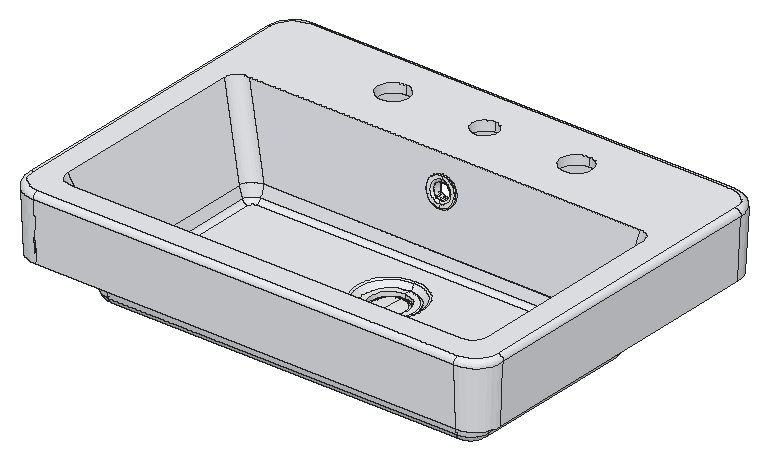
Revit family "Basin-Caroma Basa Inset Vanity", category Plumbing Fixtures, host Face, Revit 2012
Parameters (values of type "Basa Inset - 3 Tap Holes")
  Waste Radius [instance] = 30 mm
  Waste Connection = yes
  Waste = Metal-Chrome-Caroma
  Vent Connection = no
  URL = "www.caroma.com.au"
  Type Comments = "Vitreous China Inset Vanity Basin"  # constant formula
  Tap Penetrations = if([3 Tapholes], 0 mm, 100 mm)  # 0 mm
  Spout Penetration = if(or([1 Taphole], [3 Tapholes]), 0 mm, 100 mm)  # 0 mm
  PlumbingMaterial_ANZRS = Porcelain-White-Caroma
  Model = "633335"
  Manufacturer = "Caroma"  # constant formula
  HW Connection = no
  Description = "Basa Inset Vanity Basin"  # constant formula
  Default Elevation = 1219.2 mm
  CreatedBy_ANZRS = "Design Content"  # constant formula
  CreatedByURL_ANZRS = "www.designcontent.com.au"
  CW Connection = no
  3 Tapholes = not([1 Taphole])  # yes
  1 Taphole = no
Reference planes
  plane 1 "Center (Front/Back)": y = 0
  plane 2: z = 0
  plane 3 "Center (Left/Right)": x = 0
  plane 4 "Back": y = 192.232
  plane 5 "Front": y = -192.232
  plane 6 "Left": x = -259.732
  plane 7 "Right": x = 259.732
  plane 8: y = 7.5
  plane 9: x = -100.111
  plane 10: y = 137.389
  plane 11: x = 100.111
  plane 12: z = 70
  plane 13 "Waste Connector": z = -87
  plane 14 "Tap Connectors": z = 60
  plane 15: z = 60
  plane 16: z = 60
Forms (mm)
  Sweep 1, solid, material "Porcelain-White-Caroma" <- "PlumbingMaterial_ANZRS"
    path origin (0, 0, 0) x (1, 0, 0) y (0, 1, 0)
      loop
        arc (-229.732, 192.232) -> (-250.945, 183.445) -> (-259.732, 162.232) r 30
        line (-259.732, 162.232) -> (-259.732, -162.232)
        arc (-259.732, -162.232) -> (-250.945, -183.445) -> (-229.732, -192.232) r 30
        line (-229.732, -192.232) -> (229.732, -192.232)
        arc (229.732, -192.232) -> (250.945, -183.445) -> (259.732, -162.232) r 30
        line (259.732, -162.232) -> (259.732, 162.232)
        arc (259.732, 162.232) -> (250.945, 183.445) -> (229.732, 192.232) r 30
        line (229.732, 192.232) -> (-229.732, 192.232)
    profile origin (0, -192.232, 0) x (0, -1, 0) y (0, 0, 1)
      loop
        arc (0.001, 63.765) -> (-1.655, 68.157) -> (-5.973, 70) r 5.98
        line (-5.973, 70) -> (-15.973, 70) -> (-15.973, 60) -> (-10.17, 60) -> (-12.741, 0) -> (-2.732, 0) -> (0.001, 63.765)
  Blend 2, void
    base sketch origin (0, 0, 0) x (1, 0, 0) y (0, 1, 0)
      loop
        line (-205, 57.5) -> (-205, -119.5)
        arc (-205, -119.5) -> (-200.607, -130.107) -> (-190, -134.5) r 15
        line (-190, -134.5) -> (190, -134.5)
        arc (190, -134.5) -> (200.607, -130.107) -> (205, -119.5) r 15
        line (205, -119.5) -> (205, 57.5)
        arc (205, 57.5) -> (200.607, 68.107) -> (190, 72.5) r 15
        line (190, 72.5) -> (-190, 72.5)
        arc (-190, 72.5) -> (-200.607, 68.107) -> (-205, 57.5) r 15
    top sketch origin (0, 0, 0) x (1, 0, 0) y (0, 1, 0)
      loop
        line (-228.806, 66.924) -> (-228.806, -146.214)
        arc (-228.806, -146.214) -> (-224.412, -156.821) -> (-213.806, -161.214) r 15
        line (-213.806, -161.214) -> (213.806, -161.214)
        arc (213.806, -161.214) -> (224.412, -156.821) -> (228.806, -146.214) r 15
        line (228.806, -146.214) -> (228.806, 66.924)
        arc (228.806, 66.924) -> (224.412, 77.53) -> (213.806, 81.924) r 15
        line (213.806, 81.924) -> (-213.806, 81.924)
        arc (-213.806, 81.924) -> (-224.412, 77.53) -> (-228.806, 66.924) r 15
    from -23 to 70
  Extrusion 3, solid, material "Porcelain-White-Caroma" <- "PlumbingMaterial_ANZRS"
    sketch origin (0, 0, 0) x (1, 0, 0) y (0, 1, 0)
      loop
        line (-248.759, 162.232) -> (-248.759, -162.232)
        arc (-248.759, -162.232) -> (-243.186, -175.686) -> (-229.732, -181.259) r 19.027
        line (-229.732, -181.259) -> (229.732, -181.259)
        arc (229.732, -181.259) -> (243.186, -175.686) -> (248.759, -162.232) r 19.027
        line (248.759, -162.232) -> (248.759, 162.232)
        arc (248.759, 162.232) -> (243.186, 175.686) -> (229.732, 181.259) r 19.027
        line (229.732, 181.259) -> (-229.732, 181.259)
        arc (-229.732, 181.259) -> (-243.186, 175.686) -> (-248.759, 162.232) r 19.027
    from 60 to 70
  Blend 4, solid, material "Porcelain-White-Caroma" <- "PlumbingMaterial_ANZRS"
    base sketch origin (0, 0, 0) x (1, 0, 0) y (0, 1, 0)
      loop
        line (-215, 57.5) -> (-215, -119.5)
        arc (-215, -119.5) -> (-207.678, -137.178) -> (-190, -144.5) r 25
        line (-190, -144.5) -> (190, -144.5)
        arc (190, -144.5) -> (207.678, -137.178) -> (215, -119.5) r 25
        line (215, -119.5) -> (215, 57.5)
        arc (215, 57.5) -> (207.678, 75.178) -> (190, 82.5) r 25
        line (190, 82.5) -> (-190, 82.5)
        arc (-190, 82.5) -> (-207.678, 75.178) -> (-215, 57.5) r 25
    top sketch origin (0, 0, 0) x (1, 0, 0) y (0, 1, 0)
      loop
        arc (-238.806, -146.214) -> (-231.483, -163.892) -> (-213.806, -171.214) r 25
        line (-213.806, -171.214) -> (213.806, -171.214)
        arc (213.806, -171.214) -> (231.483, -163.892) -> (238.806, -146.214) r 25
        line (238.806, -146.214) -> (238.806, 66.924)
        arc (238.806, 66.924) -> (231.483, 84.601) -> (213.806, 91.924) r 25
        line (213.806, 91.924) -> (-213.806, 91.924)
        arc (-213.806, 91.924) -> (-231.483, 84.601) -> (-238.806, 66.924) r 25
        line (-238.806, 66.924) -> (-238.806, -146.214)
    from -23 to 70
  Sweep 5, solid, material "Porcelain-White-Caroma" <- "PlumbingMaterial_ANZRS"
    path origin (0, 0, 0) x (1, 0, 0) y (0, 1, 0)
      loop
        line (190, 72.5) -> (-190, 72.5)
        arc (-190, 72.5) -> (-200.607, 68.107) -> (-205, 57.5) r 15
        line (-205, 57.5) -> (-205, -119.5)
        arc (-205, -119.5) -> (-200.607, -130.107) -> (-190, -134.5) r 15
        line (-190, -134.5) -> (190, -134.5)
        arc (190, -134.5) -> (200.607, -130.107) -> (205, -119.5) r 15
        line (205, -119.5) -> (205, 57.5)
        arc (205, 57.5) -> (200.607, 68.107) -> (190, 72.5) r 15
    profile origin (0, 72.5, 0) x (0, -1, 0) y (0, 0, 1)
      loop
        line (11.572, -39.325) -> (9.208, -39.325)
        arc (9.208, -39.325) -> (5.599, -38.118) -> (3.442, -34.981) r 6
        line (3.442, -34.981) -> (0, -23) -> (-10, -23) -> (-4.518, -42.086)
        arc (-4.518, -42.086) -> (-0.923, -47.313) -> (5.094, -49.325) r 10
        line (5.094, -49.325) -> (11.572, -49.325) -> (11.572, -39.325)
  Extrusion 6, solid, material "Porcelain-White-Caroma" <- "PlumbingMaterial_ANZRS"
    sketch origin (0, 0, 0) x (1, 0, 0) y (0, 1, 0)
      loop
        arc (-190, 60.928) -> (-192.424, 59.924) -> (-193.428, 57.5) r 3.428
        line (-193.428, 57.5) -> (-193.428, -119.5)
        arc (-193.428, -119.5) -> (-192.424, -121.924) -> (-190, -122.928) r 3.428
        line (-190, -122.928) -> (190, -122.928)
        arc (190, -122.928) -> (192.424, -121.924) -> (193.428, -119.5) r 3.428
        line (193.428, -119.5) -> (193.428, 57.5)
        arc (193.428, 57.5) -> (192.424, 59.924) -> (190, 60.928) r 3.428
        line (190, 60.928) -> (-190, 60.928)
    from -49.325 to -39.325
  Revolve 7, solid, material "Porcelain-White-Caroma" <- "PlumbingMaterial_ANZRS"
    sketch origin (0, 0, 0) x (0, 1, 0) y (0, 0, 1)
      loop
        line (29.501, -87) -> (34.501, -87) -> (34.501, -54.07) -> (44.246, -44.325) -> (52.645, -44.325) -> (52.645, -39.325) -> (43.418, -39.325)
        arc (43.418, -39.325) -> (42.27, -39.553) -> (41.296, -40.204) r 3
        line (41.296, -40.204) -> (31.101, -50.399)
        arc (31.101, -50.399) -> (29.917, -52.171) -> (29.501, -54.261) r 5.461
        line (29.501, -54.261) -> (29.501, -87)
      axis (7.5, -87) -> (7.5, -39.325)
    angle from 0 to 360
  Revolve 8, void
    sketch origin (0, 0, 0) x (0, 1, 0) y (0, 0, 1)
      loop
        line (29.501, -87) -> (29.501, -54.261)
        arc (29.501, -54.261) -> (29.917, -52.171) -> (31.101, -50.399) r 5.461
        line (31.101, -50.399) -> (41.296, -40.204)
        arc (41.296, -40.204) -> (42.27, -39.553) -> (43.418, -39.325) r 3
        line (43.418, -39.325) -> (52.645, -39.325) -> (52.645, -30.246) -> (7.5, -30.246) -> (7.5, -87) -> (29.501, -87)
      axis (7.5, -87) -> (7.5, -30.246)
    angle from 0 to 360
  Revolve 9, solid, material "Metal-Chrome-Caroma" <- "Waste", detail levels fine
    sketch origin (0, 0, 0) x (0, 1, 0) y (0, 0, 1)
      loop
        line (7.5, -53.692) -> (19.71, -53.692) -> (29.461, -48.287) -> (29.461, -45.838) -> (35.47, -45.838) -> (35.47, -45.027) -> (34.363, -44.308) -> (27.893, -44.308) -> (27.893, -48.615) -> (20.237, -52.859) -> (20.237, -49.13) -> (26.071, -49.13)
        arc (26.071, -49.13) -> (25.047, -47.846) -> (23.52, -47.244) r 3.183
        arc (23.52, -47.244) -> (15.523, -46.552) -> (7.5, -46.322) r 139.649
        line (7.5, -46.322) -> (7.5, -53.692)
      axis (7.5, -53.692) -> (7.5, -44.308)
    angle from 0 to 360
  Revolve 10, solid, material "Metal-Chrome-Caroma" <- "Waste", detail levels fine
    sketch origin (0, 0, 0) x (0, 1, 0) y (0, 0, 1)
      loop
        line (88.47, 44.246) -> (80.174, 45.412) -> (80.84, 50.155) -> (79.915, 50.285) -> (78.852, 49.438) -> (78.285, 45.404)
        arc (78.285, 45.404) -> (78.669, 43.922) -> (79.987, 43.145) r 2
        line (79.987, 43.145) -> (88.154, 41.998) -> (88.47, 44.246)
      axis (86.87, 32.866) -> (76.723, 34.292)
    angle from 0 to 360
  Revolve 11, void
    sketch origin (0, 0, 0) x (0, 1, 0) y (0, 0, 1)
      loop
        line (94.609, 41.09) -> (73.3, 44.085) -> (72.016, 34.953) -> (93.326, 31.959) -> (94.609, 41.09)
      axis (93.326, 31.959) -> (72.016, 34.953)
    angle from 0 to 360
  Extrusion 12, void
    sketch origin (80.111, -4572, 60) x (0, -1, 0) y (-1, 0, 0)
      loop
        circle (-4709.389, 180.222) r 16.956
      loop
        circle (-4709.389, -20) r 17
    from 0 to -100
  Extrusion 13, void
    sketch origin (-14.884, -4572, 60) x (0, -1, 0) y (-1, 0, 0)
      loop
        circle (-4709.389, -14.884) r 14
    from 0 to -100
  Extrusion 14, void
    sketch origin (0, 0, 0) x (1, 0, 0) y (0, 1, 0)
      loop
        line (-236.246, 90.91) -> (-236.246, -168.342) -> (236.246, -168.342) -> (236.246, 90.91) -> (-236.246, 90.91)
    from 0 to -87
Cuts and joins
  Blend 2, Revolve 11, Extrusion 12, Extrusion 13 cuts Sweep 1
  Blend 2, Revolve 11, Extrusion 12, Extrusion 13 cuts Extrusion 3
  Blend 2, Revolve 11, Extrusion 12, Extrusion 13 cuts Blend 4
  joined: Sweep 1, Extrusion 3, Blend 4
  Revolve 8 cuts Extrusion 6
  joined: Sweep 5, Extrusion 6, Revolve 7
Lines and regions (mm)
  Masking region 1
    outline origin (0, 0, 0) x (1, 0, 0) y (0, 1, 0)
      loop
        arc (-229.732, 192.232) -> (-250.945, 183.445) -> (-259.732, 162.232) r 30
        line (-259.732, 162.232) -> (-259.732, -162.232)
        arc (-259.732, -162.232) -> (-250.945, -183.445) -> (-229.732, -192.232) r 30
        line (-229.732, -192.232) -> (229.732, -192.232)
        arc (229.732, -192.232) -> (250.945, -183.445) -> (259.732, -162.232) r 30
        line (259.732, -162.232) -> (259.732, 162.232)
        arc (259.732, 162.232) -> (250.945, 183.445) -> (229.732, 192.232) r 30
        line (229.732, 192.232) -> (-229.732, 192.232)
  Masking region 2
    outline origin (0, 0, 0) x (1, 0, 0) y (0, 0, 1)
      loop
        arc (-253.719, 70) -> (-258.051, 68.151) -> (-259.714, 63.745) r 6
        line (-259.714, 63.745) -> (-257, 0) -> (257, 0) -> (259.714, 63.745)
        arc (259.714, 63.745) -> (258.051, 68.151) -> (253.719, 70) r 6
        line (253.719, 70) -> (-253.719, 70)
  Masking region 3
    outline origin (0, 0, 0) x (0, 1, 0) y (0, 0, 1)
      loop
        line (-189.5, 0) -> (189.5, 0) -> (192.193, 63.747)
        arc (192.193, 63.747) -> (190.53, 68.152) -> (186.198, 70) r 6
        line (186.198, 70) -> (-186.233, 70)
        arc (-186.233, 70) -> (-190.565, 68.151) -> (-192.227, 63.744) r 6
        line (-192.227, 63.744) -> (-189.5, 0)
  symbolic lines, visible <- "1 Taphole"
    curve 1: circle (0, 137.389, 0) r 14 normal (0, 0, 1)
  symbolic lines, visible <- "3 Tapholes"
    curve 2: circle (100.111, 137.389, 0) r 17 normal (0, 0, 1)
    curve 3: circle (-100.111, 137.389, 0) r 16.956 normal (0, 0, 1)
  symbolic lines
    curve 4: circle (0, 7.5, 0) r 35 normal (0, 0, 1)
    curve 5: circle (0, 7.5, 0) r 22.001 normal (0, 0, 1)
    curve 6: arc (-228.806, 66.924, 0) -> (-224.412, 77.53, 0) -> (-213.806, 81.924, 0) r 15
    curve 7: line (-228.806, -146.227, 0) -> (-228.806, 66.924, 0)
    curve 8: arc (-213.819, -161.214, 0) -> (-224.413, -156.821, 0) -> (-228.806, -146.227, 0) r 15
    curve 9: line (213.806, -161.214, 0) -> (-213.819, -161.214, 0)
    curve 10: arc (228.806, -146.214, 0) -> (224.412, -156.821, 0) -> (213.806, -161.214, 0) r 15
    curve 11: line (228.806, 66.924, 0) -> (228.806, -146.214, 0)
    curve 12: arc (213.806, 81.924, 0) -> (224.412, 77.53, 0) -> (228.806, 66.924, 0) r 15
    curve 13: line (-213.806, 81.924, 0) -> (213.806, 81.924, 0)
  symbolic lines, style "PlumbingFixturesHiddenLines"
    curve 14: line (-218.973, 0, 0) -> (-209.826, 0, -29.918)
    curve 15: line (-196.528, 0, -40.496) -> (-36.257, 0, -51.703)
    curve 16: line (-30.676, 0, -57.688) -> (-30.676, 0, -87)
    curve 17: line (-30.676, 0, -87) -> (0, 0, -87)
    curve 18: arc (-36.257, 0, -51.703) -> (-32.288, 0, -53.596) -> (-30.676, 0, -57.688) r 6
    curve 19: arc (-209.826, 0, -29.918) -> (-204.819, 0, -37.271) -> (-196.528, 0, -40.496) r 15
    curve 20: line (218.973, 0, 0) -> (209.826, 0, -29.918)
    curve 21: line (196.528, 0, -40.496) -> (36.257, 0, -51.703)
    curve 22: line (30.676, 0, -57.688) -> (30.676, 0, -87)
    curve 23: line (30.676, 0, -87) -> (0, 0, -87)
    curve 24: arc (36.257, 0, -51.703) -> (32.288, 0, -53.596) -> (30.676, 0, -57.688) r 6
    curve 25: arc (209.826, 0, -29.918) -> (204.819, 0, -37.271) -> (196.528, 0, -40.496) r 15
    curve 26: line (0, -151.196, 0) -> (0, -142.728, -29.53)
    curve 27: line (0, -129.356, -40.359) -> (0, -34.416, -46.998)
    curve 28: line (0, -25.113, -56.974) -> (0, -25.113, -87)
    curve 29: line (0, -25.113, -87) -> (0, 40.113, -87)
    curve 30: arc (0, -34.416, -46.998) -> (0, -27.8, -50.154) -> (0, -25.113, -56.974) r 10
    curve 31: arc (0, -142.728, -29.53) -> (0, -137.749, -37.053) -> (0, -129.356, -40.359) r 15
    curve 32: line (0, 40.113, -87) -> (0, 43.042, -87)
    curve 33: line (0, 46.578, -85.536) -> (0, 49.045, -83.069)
    curve 34: line (0, 52.869, -81.326) -> (0, 69.568, -80.158)
    curve 35: line (0, 75.941, -77.254) -> (0, 98.102, -55.093)
    curve 36: line (0, 101.024, -48.371) -> (0, 102.714, 0)
    curve 37: arc (0, 98.102, -55.093) -> (0, 100.201, -52.01) -> (0, 101.024, -48.371) r 10
    curve 38: arc (0, 69.568, -80.158) -> (0, 73.017, -79.282) -> (0, 75.941, -77.254) r 10
    curve 39: arc (0, 49.045, -83.069) -> (0, 50.799, -81.852) -> (0, 52.869, -81.326) r 6
    curve 40: arc (0, 43.042, -87) -> (0, 44.956, -86.619) -> (0, 46.578, -85.536) r 5
Dimensions and locks
  equal spacing: plane 6 "Left", plane 3 "Center (Left/Right)", plane 7 "Right"
  locked: plane 6 "Left" to plane 7 "Right" at 519.464
  equal spacing: plane 4 "Back", plane 1 "Center (Front/Back)", plane 5 "Front"
  locked: plane 5 "Front" to plane 4 "Back" at 384.464
  locked: plane 4 "Back" to plane 8 at 184.732
  plane 9 to plane 3 "Center (Left/Right)" to plane 11 = 100.111 mm locked, 100.111 mm locked
  locked: plane 4 "Back" to plane 10 at 54.843
  plane 12 to plane 14 "Tap Connectors" to level = 10 mm locked, 60 mm locked
  locked: level to plane 13 "Waste Connector" at 87
  "Tap Penetrations": plane 15 to plane 14 "Tap Connectors"
  "Spout Penetration": plane 16 to plane 14 "Tap Connectors"
  aligned and locked: plane 2 to host face
  aligned and locked: level to host face
  aligned and locked: plane 9 to Extrusion 12 sketch curve
  aligned and locked: plane 10 to Extrusion 12 sketch curve  (x2)
  aligned and locked: plane 11 to Extrusion 12 sketch curve
  aligned and locked: plane 3 "Center (Left/Right)" to Extrusion 13 sketch curve
  aligned and locked: plane 10 to Extrusion 13 sketch curve
Automatic sketch dimensions
  host sketch curve to host sketch curve = 2438.4 mm  (x2)
  Sweep 1 sketch curve to plane 6 "Left" = 0 mm
  Sweep 1 sketch curve to plane 4 "Back" = 0 mm
  plane 5 "Front" to Sweep 1 sketch curve = 0 mm
  Sweep 1 sketch curve to plane 7 "Right" = 0 mm
  Sweep 1 sketch curve to plane 6 "Left" = 30 mm  (x2)
  Sweep 1 sketch curve to plane 7 "Right" = 30 mm
  Sweep 1 sketch curve to Sweep 1 sketch curve = 30 mm
  profile plane to Sweep 1 sketch curve = 15.973 mm
  level to Sweep 1 sketch curve = 0 mm
  profile plane to Sweep 1 sketch curve = 12.741 mm
  Sweep 1 sketch curve to Sweep 1 sketch curve = 5.804 mm
  profile plane to Sweep 1 sketch curve = 5.973 mm
  profile plane to Sweep 1 sketch curve = 2.732 mm
  Sweep 1 sketch curve to profile plane = 0.001 mm
  Sweep 1 sketch curve to Sweep 1 sketch curve = 60 mm
  Sweep 1 sketch curve to Sweep 1 sketch curve = 3.764 mm
  Sweep 1 sketch curve to Sweep 1 sketch curve = 4.02 mm
  Blend 2 sketch curve to plane 6 "Left" = 30.926 mm
  Blend 2 sketch curve to Blend 2 sketch curve = 15 mm  (x6)
  Blend 2 sketch curve to plane 7 "Right" = 45.926 mm  (x2)
  Blend 2 sketch curve to plane 5 "Front" = 31.018 mm
  plane 8 to Blend 2 sketch curve = 59.424 mm
  Extrusion 3 sketch curve to plane 6 "Left" = 10.973 mm
  Extrusion 3 sketch curve to plane 4 "Back" = 10.973 mm
  Extrusion 3 sketch curve to Extrusion 3 sketch curve = 19.027 mm  (x3)
  Extrusion 3 sketch curve to plane 5 "Front" = 10.973 mm
  Extrusion 3 sketch curve to plane 7 "Right" = 30 mm  (x2)
  Blend 4 sketch curve to plane 6 "Left" = 20.926 mm
  Blend 4 sketch curve to Blend 4 sketch curve = 25 mm  (x6)
  plane 8 to Blend 4 sketch curve = 59.424 mm
  Blend 4 sketch curve to plane 7 "Right" = 45.926 mm
  Blend 4 sketch curve to plane 5 "Front" = 46.018 mm
  Blend 2 sketch curve to plane 6 "Left" = 54.732 mm
  Blend 2 sketch curve to plane 7 "Right" = 69.732 mm  (x2)
  Blend 2 sketch curve to plane 5 "Front" = 57.732 mm
  plane 8 to Blend 2 sketch curve = 50 mm
  Blend 4 sketch curve to plane 6 "Left" = 69.732 mm  (x2)
  Blend 4 sketch curve to plane 7 "Right" = 69.732 mm  (x2)
  Blend 4 sketch curve to plane 5 "Front" = 47.732 mm
  plane 8 to Blend 4 sketch curve = 50 mm
  Sweep 5 sketch curve to plane 7 "Right" = 69.732 mm
  Sweep 5 sketch curve to Sweep 5 sketch curve = 15 mm  (x4)
  plane 8 to Sweep 5 sketch curve = 50 mm
  Sweep 5 sketch curve to plane 5 "Front" = 72.732 mm
  Sweep 5 sketch curve to plane 6 "Left" = 69.732 mm
  Sweep 5 sketch curve to level = 23 mm
  profile plane to Sweep 5 sketch curve = 10 mm
  Sweep 5 sketch curve to Sweep 5 sketch curve = 5.482 mm
  Sweep 5 sketch curve to Sweep 5 sketch curve = 10 mm
  Sweep 5 sketch curve to Sweep 5 sketch curve = 7.959 mm
  Sweep 5 sketch curve to Sweep 5 sketch curve = 9.611 mm
  Sweep 5 sketch curve to Sweep 5 sketch curve = 5.767 mm
  Sweep 5 sketch curve to Sweep 5 sketch curve = 6.479 mm
  Sweep 5 sketch curve to Sweep 5 sketch curve = 10.325 mm
  Sweep 5 sketch curve to Sweep 5 sketch curve = 1.657 mm
  Sweep 5 sketch curve to Sweep 5 sketch curve = 0 mm
  Sweep 5 sketch curve to Sweep 5 sketch curve = 2.761 mm
  Extrusion 6 sketch curve to plane 6 "Left" = 66.304 mm
  Extrusion 6 sketch curve to Extrusion 6 sketch curve = 3.428 mm  (x3)
  Extrusion 6 sketch curve to plane 7 "Right" = 69.732 mm  (x2)
  Extrusion 6 sketch curve to plane 5 "Front" = 69.304 mm
  plane 8 to Extrusion 6 sketch curve = 50 mm
  Revolve 7 sketch curve to plane 8 = 0 mm
  plane 8 to Revolve 7 sketch curve = 22.001 mm
  Revolve 7 sketch curve to Revolve 7 sketch curve = 1.6 mm
  Revolve 7 sketch curve to Revolve 7 sketch curve = 5 mm
  Revolve 7 sketch curve to Revolve 7 sketch curve = 0.461 mm
  Revolve 7 sketch curve to Revolve 7 sketch curve = 10.196 mm
  Revolve 7 sketch curve to Revolve 7 sketch curve = 2.121 mm  (x2)
  Revolve 7 sketch curve to Revolve 7 sketch curve = 0.828 mm
  Revolve 7 sketch curve to Revolve 7 sketch curve = 8.399 mm
  Revolve 7 sketch curve to level = 87 mm
  Revolve 7 sketch curve to Revolve 7 sketch curve = 0 mm
  Revolve 7 sketch curve to Revolve 7 sketch curve = 32.739 mm
  Revolve 7 sketch curve to Revolve 7 sketch curve = 0.191 mm
  Revolve 7 sketch curve to Revolve 7 sketch curve = 9.936 mm
  Revolve 7 sketch curve to Revolve 7 sketch curve = 2 mm
  Revolve 7 sketch curve to level = 30.246 mm
  Revolve 8 sketch curve to plane 8 = 0 mm  (x2)
  Revolve 8 sketch curve to Revolve 8 sketch curve = 1.6 mm
  Revolve 8 sketch curve to Revolve 8 sketch curve = 10.196 mm
  Revolve 8 sketch curve to Revolve 8 sketch curve = 2.121 mm  (x2)
  Revolve 8 sketch curve to Revolve 8 sketch curve = 9.227 mm
  Revolve 8 sketch curve to Revolve 8 sketch curve = 0 mm  (x2)
  Revolve 8 sketch curve to level = 30.246 mm
  Revolve 8 sketch curve to Revolve 8 sketch curve = 11.936 mm
  Revolve 8 sketch curve to Revolve 8 sketch curve = 3.862 mm
  Revolve 8 sketch curve to Revolve 8 sketch curve = 22.001 mm
  Revolve 8 sketch curve to Revolve 8 sketch curve = 9.079 mm
  Revolve 8 sketch curve to Revolve 8 sketch curve = 32.739 mm
  Revolve 9 sketch curve to plane 8 = 0 mm  (x2)
  Revolve 9 sketch curve to Revolve 9 sketch curve = 12.21 mm
  Revolve 9 sketch curve to Revolve 9 sketch curve = 0.528 mm
  Revolve 9 sketch curve to Revolve 9 sketch curve = 2.918 mm
  Revolve 9 sketch curve to Revolve 9 sketch curve = 0.365 mm
  Revolve 9 sketch curve to Revolve 9 sketch curve = 0 mm  (x3)
  Revolve 9 sketch curve to Revolve 9 sketch curve = 2.551 mm
  Revolve 9 sketch curve to Revolve 9 sketch curve = 1.822 mm
  Revolve 9 sketch curve to Revolve 9 sketch curve = 1.568 mm
  Revolve 9 sketch curve to Revolve 9 sketch curve = 4.902 mm
  Revolve 9 sketch curve to Revolve 9 sketch curve = 1.107 mm
  Revolve 9 sketch curve to level = 185.971 mm
  Revolve 9 sketch curve to level = 53.692 mm
  Revolve 9 sketch curve to Revolve 9 sketch curve = 0.833 mm
  Revolve 9 sketch curve to Revolve 9 sketch curve = 2.453 mm
  Revolve 9 sketch curve to Revolve 9 sketch curve = 0.515 mm
  Revolve 9 sketch curve to Revolve 9 sketch curve = 0.328 mm
  Revolve 9 sketch curve to Revolve 9 sketch curve = 2.449 mm
  Revolve 9 sketch curve to Revolve 9 sketch curve = 0.811 mm
  Revolve 9 sketch curve to Revolve 9 sketch curve = 0.719 mm
  Revolve 10 sketch curve to plane 10 = 59.506 mm
  Revolve 10 sketch curve to Revolve 10 sketch curve = 0.402 mm
  Revolve 10 sketch curve to Revolve 10 sketch curve = 0.567 mm
  Revolve 10 sketch curve to Revolve 10 sketch curve = 1.063 mm
  Revolve 10 sketch curve to Revolve 10 sketch curve = 1.702 mm
  Revolve 10 sketch curve to Revolve 10 sketch curve = 1.888 mm
  Revolve 10 sketch curve to Revolve 10 sketch curve = 0.092 mm
  Revolve 10 sketch curve to Revolve 10 sketch curve = 0.925 mm
  level to Revolve 10 sketch curve = 41.998 mm
  Revolve 10 sketch curve to Revolve 10 sketch curve = 8.987 mm
  Revolve 10 sketch curve to Revolve 10 sketch curve = 8.166 mm
  level to Revolve 10 sketch curve = 44.246 mm
  Revolve 10 sketch curve to Revolve 10 sketch curve = 9.132 mm
  Revolve 10 sketch curve to Revolve 10 sketch curve = 1.263 mm
  Revolve 10 sketch curve to Revolve 10 sketch curve = 0.286 mm
  Revolve 10 sketch curve to Revolve 10 sketch curve = 0.847 mm
  Revolve 10 sketch curve to Revolve 10 sketch curve = 1.981 mm
  plane 8 to Revolve 11 sketch curve = 64.516 mm
  level to Revolve 11 sketch curve = 44.085 mm
  Revolve 11 sketch curve to Revolve 11 sketch curve = 1.283 mm
  Revolve 11 sketch curve to Revolve 11 sketch curve = 5.867 mm
  Revolve 11 sketch curve to Revolve 11 sketch curve = 8.987 mm
  Revolve 11 sketch curve to Revolve 11 sketch curve = 6.456 mm
  Revolve 11 sketch curve to Revolve 11 sketch curve = 2.995 mm
  Revolve 11 sketch curve to Revolve 11 sketch curve = 0.825 mm
  Revolve 11 sketch curve to Revolve 11 sketch curve = 0.907 mm
  Extrusion 14 sketch curve to plane 6 "Left" = 23.486 mm
  Extrusion 14 sketch curve to plane 7 "Right" = 23.486 mm
  Extrusion 14 sketch curve to plane 5 "Front" = 23.89 mm
  plane 8 to Extrusion 14 sketch curve = 83.411 mm
  Masking region 1 sketch curve to plane 6 "Left" = 0 mm
  Masking region 1 sketch curve to plane 4 "Back" = 0 mm
  plane 5 "Front" to Masking region 1 sketch curve = 0 mm
  Masking region 1 sketch curve to plane 7 "Right" = 0 mm
  Masking region 1 sketch curve to plane 6 "Left" = 30 mm
  Masking region 1 sketch curve to Masking region 1 sketch curve = 30 mm
  Masking region 1 sketch curve to plane 7 "Right" = 30 mm
  plane 10 to Masking region 1 sketch curve = 24.843 mm
  curve 4 to curve 5 = 0 mm  (x2)
  curve 3 to plane 9 = 0 mm
  curve 5 to plane 3 "Center (Left/Right)" = 0 mm
  curve 1 to plane 3 "Center (Left/Right)" = 0 mm
  curve 2 to plane 10 = 0 mm
  curve 2 to plane 11 = 0 mm
  curve 4 to plane 8 = 0 mm
  curve 3 to plane 10 = 0 mm
  curve 1 to plane 10 = 0 mm
  curve 6 to plane 6 "Left" = 45.926 mm
  curve 6 to curve 6 = 0 mm
  curve 7 to curve 6 = 15 mm
  curve 7 to plane 5 "Front" = 46.005 mm
  plane 8 to curve 6 = 59.424 mm
  curve 7 to curve 8 = 14.987 mm
  curve 7 to curve 8 = 15 mm
  curve 8 to curve 7 = 14.988 mm
  curve 9 to plane 7 "Right" = 45.926 mm
  curve 10 to curve 10 = 15 mm
  curve 12 to curve 12 = 15 mm
  curve 12 to curve 12 = 0 mm
  Masking region 2 sketch curve to plane 12 = 0 mm
  Masking region 2 sketch curve to plane 6 "Left" = 0.018 mm
  Masking region 2 sketch curve to plane 6 "Left" = 2.732 mm
  Masking region 2 sketch curve to plane 6 "Left" = 6.013 mm
  Masking region 2 sketch curve to plane 7 "Right" = 6.013 mm
  level to Masking region 2 sketch curve = 0 mm
  Masking region 2 sketch curve to plane 7 "Right" = 2.732 mm
  Masking region 2 sketch curve to plane 7 "Right" = 0.018 mm
  plane 14 "Tap Connectors" to Masking region 2 sketch curve = 3.745 mm  (x2)
  curve 14 to level = 0 mm
  curve 17 to plane 13 "Waste Connector" = 0 mm
  curve 23 to plane 3 "Center (Left/Right)" = 0 mm
  curve 20 to level = 0 mm
  curve 16 to plane 3 "Center (Left/Right)" = 30.676 mm
  curve 15 to curve 16 = 5.581 mm
  curve 18 to curve 16 = 6 mm
  curve 19 to level = 25.532 mm
  curve 19 to plane 6 "Left" = 64.25 mm
  curve 15 to curve 19 = 1.046 mm
  curve 19 to curve 19 = 14.345 mm
  curve 14 to curve 19 = 9.147 mm
  plane 3 "Center (Left/Right)" to curve 24 = 30.676 mm
  curve 24 to curve 24 = 5.581 mm
  curve 22 to curve 24 = 6 mm
  curve 25 to level = 25.532 mm
  curve 25 to plane 7 "Right" = 64.25 mm
  curve 25 to curve 25 = 1.046 mm
  curve 25 to curve 25 = 14.345 mm
  curve 25 to curve 20 = 9.147 mm
  curve 22 to curve 24 = 29.312 mm
  plane 13 "Waste Connector" to curve 18 = 29.312 mm
  curve 21 to curve 25 = 14.963 mm
  curve 15 to curve 19 = 14.963 mm
  Masking region 3 sketch curve to plane 12 = 0 mm
  Masking region 3 sketch curve to plane 5 "Front" = 0.005 mm
  Masking region 3 sketch curve to plane 5 "Front" = 2.732 mm
  Masking region 3 sketch curve to plane 5 "Front" = 5.999 mm
  Masking region 3 sketch curve to plane 4 "Back" = 6.033 mm
  level to Masking region 3 sketch curve = 0 mm
  Masking region 3 sketch curve to plane 4 "Back" = 2.732 mm
  Masking region 3 sketch curve to plane 4 "Back" = 0.039 mm
  plane 14 "Tap Connectors" to Masking region 3 sketch curve = 3.744 mm
  plane 14 "Tap Connectors" to Masking region 3 sketch curve = 3.747 mm
  curve 26 to level = 0 mm
  curve 29 to plane 13 "Waste Connector" = 0 mm
  curve 26 to plane 5 "Front" = 41.036 mm
  curve 26 to curve 26 = 8.468 mm
  curve 31 to curve 31 = 13.373 mm
  curve 26 to curve 31 = 14.419 mm
  plane 1 "Center (Front/Back)" to curve 30 = 35.113 mm
  curve 30 to curve 30 = 0.698 mm
  curve 30 to curve 30 = 10 mm
  plane 8 to curve 32 = 32.613 mm
  curve 29 to curve 40 = 2.929 mm
  plane 13 "Waste Connector" to curve 40 = 1.464 mm
  curve 40 to curve 40 = 3.536 mm
  plane 13 "Waste Connector" to curve 33 = 3.931 mm
  curve 40 to curve 33 = 2.467 mm
  curve 33 to curve 39 = 3.824 mm
  curve 39 to plane 13 "Waste Connector" = 0.311 mm
  curve 34 to curve 39 = 0.419 mm
  curve 39 to curve 38 = 16.001 mm
  curve 38 to curve 38 = 0.698 mm
  curve 34 to curve 38 = 6.374 mm
  curve 38 to curve 37 = 22.16 mm
  curve 37 to curve 37 = 7.071 mm
  curve 37 to curve 36 = 2.923 mm
  level to curve 36 = 0 mm
  curve 36 to plane 10 = 34.675 mm
  plane 13 "Waste Connector" to curve 38 = 6.842 mm
  curve 34 to curve 35 = 2.905 mm
  plane 13 "Waste Connector" to curve 30 = 30.026 mm
  curve 35 to curve 37 = 22.16 mm
  curve 37 to curve 36 = 6.722 mm
  curve 27 to level = 40.359 mm
  curve 31 to curve 31 = 10.829 mm
  radius of Extrusion 12 sketch curve = 16.956 mm
  radius of Extrusion 12 sketch curve = 17 mm
  radius of Extrusion 13 sketch curve = 14 mm
  radius of curve 1 = 14 mm
  radius of curve 2 = 17 mm
  radius of curve 3 = 16.956 mm
  radius of curve 4 = 35 mm
  radius of curve 5 = 22.001 mm
Connectors
  piping at (0, 7.5, -87), driven by "Waste Radius"
    settings: on cut or joined group of Sweep 5, Extrusion 6, Revolve 7, Revolve 8, index 1, connector radius 1.1811", flow factor 0, pipe flow 0 GPM, pressure drop 0.00 psi, fitting loss kfactor 0, connector angle 0.00°, fixture units 0, engagement length 0 mm, flow configuration 0, flow direction 2, fitting loss method 0, system type 16, joint type 0, gender type 0, connector reference index -1, connector utility 0, adjustable connector no, is connector primary yes, fitting loss table "", connector description ""
Types in the file's own list only (1): name | Tap Penetrations | Model | Default Elevation | 3 Tapholes | 1 Taphole
  Basa Inset - 1 Tap Hole | 100 mm | "633315" | 1219 mm | No | Yes
